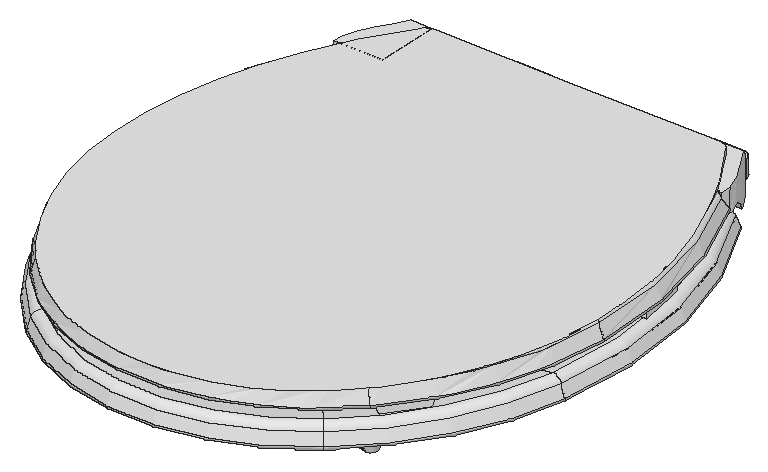
Revit family "Toilet_Seat-Round_Closed_Front-KOHLER-Brevia-K-20111", category Specialty Equipment, host Face, Revit 2015
Parameters (values of type "0-White")
  Width = 14 3/16"  # constant formula
  WaterSense Certified = 1 = 0  # no
  URL = "https://www.us.kohler.com/us/"
  Type = 1
  Product Page URL = "http://www.us.kohler.com/us/catalog/productDetails.jsp?productNumber=20111"
  Product Name = "Brevia"  # constant formula
  Product Documentation Link = "https://www.us.kohler.com/webassets/kpna/catalog/pdf/en/K-20111_spec.pdf"
  Model = if(Type = 1, "K-20111-0", if(Type = 2, "K-20111-96", "NA"))  # "K-20111-0"
  Material = "Plastic"  # constant formula
  MasterFormat 2004 = "10.28.13"  # constant formula
  MasterFormat 1995 = "10820"  # constant formula
  Manufacturer Address = "444 Highland Dr, Kohler, WI 53044"  # constant formula
  Manufacturer = "KOHLER Co."  # constant formula
  Length = 16 1/16"  # constant formula
  Height = 7/8"  # constant formula
  Finish = Kohler-Plastic-0-White
  Environmental Product Declaration = ""
  Description = "Quite-Close round-front Toilet Seat"  # constant formula
  Default Elevation = 0"
  Declare Label = ""
  Date Modified = "02/06/2019"  # constant formula
  Date Created = "02/06/2019"  # constant formula
  Copyright = "Copyright KOHLER Co."  # constant formula
  Contact Us = "https://www.us.kohler.com/us/static/contact.jsp"
  Assembly Code = "C1030200"
  ADA Compliant = 1 = 0  # no
Types (3): name | Type | Model | Finish
  (no name) | 1 | "K-20111-0" | Kohler-Plastic-0-White
  0-White | 1 | "K-20111-0" | Kohler-Plastic-0-White
  96-Biscuit | 2 | "K-20111-96" | Kohler-Plastic-96-Biscuit
Reference planes (in)
  plane 1 "Center (Front/Back)": y = 0
  plane 2: z = 0
  plane 3 "Center (Left/Right)": x = 0
  plane 4: x = 7.09375
  plane 5: x = -7.09375
  plane 6: x = -2.75
  plane 7: x = 2.75
  plane 8: y = 8.59375
  plane 9: y = -8.03125
  plane 10: y = 8.03125
  plane 11: z = 0.875
Dimensions and locks (in)
  "Width": plane 5 to plane 4
  plane 6 to plane 7 = 5 1/2"
  "Length": plane 9 to plane 10
  plane 9 to plane 8 = 16 5/8"
  "Height": plane 11 to level
  aligned and locked: plane 2 to host face
  aligned and locked: level to host face
Automatic sketch dimensions
  host sketch curve to host sketch curve = 96"  (x2)
Nested families (in)
  nested 1: "K-20111" at (0, 0, 0), type "K-20111"
Definition of nested family "K-20111"
  Parameters (values of type "K-20111")
    Material = none
  Reference planes (in)
    plane 1 "Center (Front/Back)": y = 0
    plane 2: z = 0
    plane 3 "Center (Left/Right)": x = 0
    plane 4: y = 8.03125
    plane 5: x = -7.09375
    plane 6: x = 7.09375
    plane 7: z = 0.875
    plane 8: x = -2.75
    plane 9: x = 2.75
    plane 10: y = 8.59375
    plane 11: y = -8.03125
  Forms (in)
    Extrusion 1, solid, material <- "Material", detail levels medium+fine
      sketch origin (0, -0.93936, 0) x (1, 0, 0) y (0, 1, 0)
        loop
          line (3.96115, 8.56249) -> (0, 8.56249) -> (-3.96115, 8.56249)
          arc (-3.96115, 8.56249) -> (-4.15155, 8.51755) -> (-4.30175, 8.39221) r 0.42578
          arc (-4.30175, 8.39221) -> (-6.17754, 4.62369) -> (-6.59105, 0.43449) r 11.64586
          arc (-6.59105, 0.43449) -> (-5.9489, -2.1733) -> (-4.52768, -4.45213) r 8.52928
          arc (-4.52768, -4.45213) -> (0, -6.51512) -> (4.52768, -4.45213) r 6
          arc (4.52768, -4.45213) -> (5.9489, -2.1733) -> (6.59105, 0.43449) r 8.52928
          arc (6.59105, 0.43449) -> (6.17754, 4.62369) -> (4.30175, 8.39221) r 11.64586
          arc (4.30175, 8.39221) -> (4.15155, 8.51755) -> (3.96115, 8.56249) r 0.42578
      from 1.10679 to 1.97107
    Sweep 2, solid, material <- "Material", detail levels medium+fine
      path origin (0, -0.93936, 0) x (1, 0, 0) y (0, 1, 0)
        loop
          arc (-4.52768, -4.45213) -> (0, -6.51512) -> (4.52768, -4.45213) r 6
          arc (4.52768, -4.45213) -> (6.02724, -1.98409) -> (6.61932, 0.84246) r 8.54736
          arc (6.61932, 0.84246) -> (6.32869, 3.92613) -> (5.25098, 6.82992) r 11.88232
          line (5.25098, 6.82992) -> (-5.25098, 6.82992)
          arc (-5.25098, 6.82992) -> (-6.32869, 3.92613) -> (-6.61932, 0.84246) r 11.88232
          arc (-6.61932, 0.84246) -> (-6.02724, -1.98409) -> (-4.52768, -4.45213) r 8.54736
      profile origin (0, -7.45448, 0) x (0, 1, 0) y (0, 0, 1)
        loop
          line (0.06091, 1.12505) -> (0.06091, 1.75553)
          arc (0.06091, 1.75553) -> (-0.08491, 1.70844) -> (-0.17586, 1.58512) r 0.25
          line (-0.17586, 1.58512) -> (-0.29993, 1.21572)
          arc (-0.29993, 1.21572) -> (-0.29237, 1.16225) -> (-0.24501, 1.1363) r 0.06027
          line (-0.24501, 1.1363) -> (0.06091, 1.12505)
    Sweep 3, solid, material <- "Material", detail levels medium+fine
      path origin (0, -0.93936, 0) x (1, 0, 0) y (0, 1, 0)
        loop
          line (5.16412, 7.82817) -> (0, 7.82817) -> (-5.16412, 7.82817)
          arc (-5.16412, 7.82817) -> (-6.83423, 3.80545) -> (-6.93131, -0.5491) r 11.80074
          arc (-6.93131, -0.5491) -> (-5.9829, -3.27253) -> (-4.17255, -5.51733) r 8.43534
          arc (-4.17255, -5.51733) -> (0, -7.08872) -> (4.17255, -5.51733) r 6.32545
          arc (4.17255, -5.51733) -> (5.9829, -3.27253) -> (6.93131, -0.5491) r 8.43534
          arc (6.93131, -0.5491) -> (6.83423, 3.80545) -> (5.16412, 7.82817) r 11.80074
      profile origin (0, 6.88881, 0) x (0, -1, 0) y (0, 0, 1)
        loop
          arc (0, 0.34424) -> (0.00881, 0.2872) -> (0.05992, 0.2604) r 0.06405
          line (0.05992, 0.2604) -> (1.65074, 0.2604) -> (2.18136, 0.1379)
          arc (2.18136, 0.1379) -> (2.32024, 0.11534) -> (2.46089, 0.1112) r 1.06928
          arc (2.46089, 0.1112) -> (2.51654, 0.14075) -> (2.5278, 0.20275) r 0.0722
          arc (2.5278, 0.20275) -> (2.45416, 0.34244) -> (2.32938, 0.43921) r 0.37345
          arc (2.32938, 0.43921) -> (1.36203, 0.65931) -> (0.38733, 0.84413) r 27.32034
          arc (0.38733, 0.84413) -> (0.2159, 0.81165) -> (0.10746, 0.67496) r 0.25
          line (0.10746, 0.67496) -> (0, 0.34424)
    Blend 4, solid, material <- "Material", detail levels medium+fine
      base sketch origin (-0.22656, 0.34189, 0) x (1, 0, 0) y (0, 1, 0)
        loop
          arc (-3.11713, -5.18895) -> (-3.12107, -4.84163) -> (-3.44293, -4.71101) r 0.31358
          arc (-3.44293, -4.71101) -> (-4.13482, -5.0117) -> (-4.64563, -5.56685) r 1.8223
          arc (-4.64563, -5.56685) -> (-4.63109, -5.89839) -> (-4.32153, -6.01798) r 0.30316
          arc (-4.32153, -6.01798) -> (-3.63696, -5.72313) -> (-3.11713, -5.18895) r 1.91212
      top sketch origin (-0.22656, 0.34189, 0) x (1, 0, 0) y (0, 1, 0)
        loop
          arc (-3.36072, -4.81573) -> (-4.0443, -5.10046) -> (-4.55017, -5.64124) r 1.75932
          arc (-4.55017, -5.64124) -> (-4.54338, -5.83267) -> (-4.36582, -5.90451) r 0.17599
          arc (-4.36582, -5.90451) -> (-3.68468, -5.61387) -> (-3.18383, -5.06836) r 1.75674
          arc (-3.18383, -5.06836) -> (-3.1912, -4.88528) -> (-3.36072, -4.81573) r 0.16961
      from 0.2604 to 0
    Blend 5, solid, material <- "Material", detail levels medium+fine
      base sketch origin (0.21875, 0.34189, 0) x (-1, 0, 0) y (0, -1, 0)
        loop
          arc (-3.11713, 5.18895) -> (-3.63696, 5.72313) -> (-4.32153, 6.01798) r 1.91212
          arc (-4.32153, 6.01798) -> (-4.63109, 5.89839) -> (-4.64563, 5.56685) r 0.30316
          arc (-4.64563, 5.56685) -> (-4.13482, 5.0117) -> (-3.44293, 4.71101) r 1.8223
          arc (-3.44293, 4.71101) -> (-3.12107, 4.84163) -> (-3.11713, 5.18895) r 0.31358
      top sketch origin (0.21875, 0.34189, 0) x (-1, 0, 0) y (0, -1, 0)
        loop
          arc (-3.36072, 4.81573) -> (-3.1912, 4.88528) -> (-3.18383, 5.06836) r 0.16961
          arc (-3.18383, 5.06836) -> (-3.68468, 5.61387) -> (-4.36582, 5.90451) r 1.75674
          arc (-4.36582, 5.90451) -> (-4.54338, 5.83267) -> (-4.55017, 5.64124) r 0.17599
          arc (-4.55017, 5.64124) -> (-4.0443, 5.10046) -> (-3.36072, 4.81573) r 1.75932
      from 0.2604 to 0
    Extrusion 6, solid, material <- "Material", detail levels medium+fine
      sketch origin (0, -0.93936, 0) x (0, 1, 0) y (0, 0, 1)
        loop
          arc (9.08501, 0.09091) -> (9.11916, 0.02599) -> (9.18777, 0) r 0.10353
          line (9.18777, 0) -> (10.34428, 0)
          arc (10.34428, 0) -> (10.35825, 0.00805) -> (10.35829, 0.02417) r 0.01614
          arc (10.35829, 0.02417) -> (10.34194, 0.17294) -> (10.43978, 0.2862) r 0.18733
          arc (10.43978, 0.2862) -> (10.48209, 0.35994) -> (10.42838, 0.42584) r 0.07502
          arc (10.42838, 0.42584) -> (9.81734, 0.57572) -> (9.1955, 0.6713) r 7.15025
          arc (9.1955, 0.6713) -> (9.07507, 0.62845) -> (9.03386, 0.50744) r 0.14683
          line (9.03386, 0.50744) -> (9.08501, 0.09091)
      from -3.52897 to -1.97103
    Extrusion 7, void
      sketch origin (0, -1.09561, 0) x (1, 0, 0) y (0, 1, 0)
        loop
          line (-2.92606, 10.65085) -> (-3.55885, 10.65085) -> (-3.55885, 10.0494)
          arc (-3.55885, 10.0494) -> (-3.37151, 10.48591) -> (-2.92606, 10.65085) r 0.60223
      from -0.4372 to 0.83
    Extrusion 8, void
      sketch origin (-5.5, -1.09561, 0) x (-1, 0, 0) y (0, -1, 0)
        loop
          arc (-2.92606, -10.65085) -> (-3.37151, -10.48591) -> (-3.55885, -10.0494) r 0.60223
          line (-3.55885, -10.0494) -> (-3.55885, -10.65085) -> (-2.92606, -10.65085)
      from -0.4372 to 0.83
    Extrusion 9, solid, material <- "Material", detail levels medium+fine
      sketch origin (0, -0.93936, 0) x (0, 1, 0) y (0, 0, 1)
        loop
          line (9.09617, 0) -> (8.96237, 1.08968)
          arc (8.96237, 1.08968) -> (8.83227, 1.37168) -> (8.56249, 1.52553) r 0.50886
          arc (8.56249, 1.52553) -> (8.25762, 1.32855) -> (8.02633, 1.04881) r 1.18976
          line (8.02633, 1.04881) -> (7.98971, 0) -> (9.09617, 0)
      from -3.5206 to 3.51327
    Extrusion 10, solid, material <- "Material", detail levels medium+fine
      sketch origin (0, -0.93936, 0) x (0, 1, 0) y (0, 0, -1)
        loop
          arc (7.71986, -0.67759) -> (7.62868, -0.80309) -> (7.48114, -0.85103) r 0.25101
          line (7.48114, -0.85103) -> (7.41073, -0.85103)
          arc (7.41073, -0.85103) -> (7.70411, -0.97741) -> (7.97071, -1.15341) r 1.8096
          arc (7.97071, -1.15341) -> (8.04655, -1.22312) -> (8.11171, -1.30291) r 0.72214
          arc (8.11171, -1.30291) -> (8.33004, -1.42851) -> (8.56249, -1.52553) r 1.99111
          arc (8.56249, -1.52553) -> (8.82946, -1.37355) -> (8.96153, -1.09619) r 0.51245
          line (8.96153, -1.09619) -> (9.0271, -0.63089)
          arc (9.0271, -0.63089) -> (9.01233, -0.57366) -> (8.96142, -0.54364) r 0.07723
          line (8.96142, -0.54364) -> (8.57964, -0.48975)
          arc (8.57964, -0.48975) -> (8.42016, -0.48512) -> (8.26359, -0.51579) r 0.71883
          arc (8.26359, -0.51579) -> (8.01007, -0.57173) -> (7.75069, -0.58271) r 1.48667
          line (7.75069, -0.58271) -> (7.71986, -0.67759)
      from -4.08391 to -3.5206
    Extrusion 11, solid, material <- "Material", detail levels medium+fine
      sketch origin (2.16092, -3.49616, 0) x (-0.600352, 0.799736, 0) y (0, 0, -1)
        loop
          line (3.90379, -0.84779) -> (2.76196, -0.84779)
          arc (2.76196, -0.84779) -> (2.69836, -0.96966) -> (2.68855, -1.10679) r 0.33799
          line (2.68855, -1.10679) -> (4.0559, -1.10679)
          arc (4.0559, -1.10679) -> (4.00207, -1.05028) -> (3.9772, -0.9763) r 0.18013
          arc (3.9772, -0.9763) -> (3.95395, -0.90436) -> (3.90379, -0.84779) r 0.18439
      from 6.44042 to 6.56044
    Extrusion 12, solid, material <- "Material", detail levels medium+fine
      sketch origin (0, -0.93936, 0) x (0, 1, 0) y (0, 0, 1)
        loop
          line (7.71986, 0.67759) -> (7.75069, 0.58271)
          arc (7.75069, 0.58271) -> (8.01007, 0.57173) -> (8.26359, 0.51579) r 1.48667
          arc (8.26359, 0.51579) -> (8.42016, 0.48512) -> (8.57964, 0.48975) r 0.71883
          line (8.57964, 0.48975) -> (8.96142, 0.54364)
          arc (8.96142, 0.54364) -> (9.01233, 0.57366) -> (9.0271, 0.63089) r 0.07723
          line (9.0271, 0.63089) -> (8.96153, 1.09619)
          arc (8.96153, 1.09619) -> (8.82946, 1.37355) -> (8.56249, 1.52553) r 0.51245
          arc (8.56249, 1.52553) -> (8.33004, 1.42851) -> (8.11171, 1.30291) r 1.99111
          arc (8.11171, 1.30291) -> (8.04655, 1.22312) -> (7.97071, 1.15341) r 0.72214
          arc (7.97071, 1.15341) -> (7.70411, 0.97741) -> (7.41073, 0.85103) r 1.8096
          line (7.41073, 0.85103) -> (7.48114, 0.85103)
          arc (7.48114, 0.85103) -> (7.62868, 0.80309) -> (7.71986, 0.67759) r 0.25101
      from -4.08391 to -3.5206
    Extrusion 13, solid, material <- "Material", detail levels medium+fine
      sketch origin (0, -0.93936, 0) x (0, 1, 0) y (0, 0, -1)
        loop
          arc (8.57964, -0.48975) -> (8.42155, -0.48501) -> (8.26625, -0.51496) r 0.71883
          line (8.26625, -0.51496) -> (7.73659, -1.04461)
          arc (7.73659, -1.04461) -> (7.66773, -1.09063) -> (7.58649, -1.10679) r 0.21228
          line (7.58649, -1.10679) -> (6.83986, -1.10679) -> (6.83986, -1.73624) -> (8.56236, -1.77548)
          arc (8.56236, -1.77548) -> (8.82926, -1.47538) -> (8.96153, -1.09619) r 1.03298
          line (8.96153, -1.09619) -> (9.0271, -0.63089)
          arc (9.0271, -0.63089) -> (9.01233, -0.57366) -> (8.96142, -0.54364) r 0.07723
          line (8.96142, -0.54364) -> (8.57964, -0.48975)
      from -5.43225 to -4.08391
    Extrusion 14, void
      sketch origin (0, -0.93936, 0) x (-1, 0, 0) y (0, -1, 0)
        loop
          spline (-4.24239, -9.15425) -> (-4.40083, -8.93803) -> (-4.55217, -8.72346) -> (-4.6953, -8.51265) -> (-4.82909, -8.30769) -> (-4.95245, -8.11067) -> (-5.06426, -7.92368) -> (-5.1634, -7.74883) -> (-5.24877, -7.58821) -> (-5.31924, -7.4439) -> (-5.37371, -7.31801) -> (-5.41107, -7.21263) -> (-5.4302, -7.12985)
          line (-5.4302, -7.12985) -> (-5.80542, -7.12985) -> (-5.80542, -9.4777) -> (-4.24239, -9.4777) -> (-4.24239, -9.15425)
      from 0.355 to 2.30907
    Extrusion 15, solid, material <- "Material", detail levels medium+fine
      sketch origin (0, -0.93936, 0) x (0, 1, 0) y (0, 0, -1)
        loop
          line (9.08501, -0.09091) -> (9.03386, -0.50744)
          arc (9.03386, -0.50744) -> (9.07507, -0.62845) -> (9.1955, -0.6713) r 0.14683
          arc (9.1955, -0.6713) -> (9.81734, -0.57572) -> (10.42838, -0.42584) r 7.15025
          arc (10.42838, -0.42584) -> (10.48209, -0.35994) -> (10.43978, -0.2862) r 0.07502
          arc (10.43978, -0.2862) -> (10.34194, -0.17294) -> (10.35829, -0.02417) r 0.18733
          arc (10.35829, -0.02417) -> (10.35825, -0.00805) -> (10.34428, 0) r 0.01614
          line (10.34428, 0) -> (9.18777, 0)
          arc (9.18777, 0) -> (9.11916, -0.02599) -> (9.08501, -0.09091) r 0.10353
      from -3.52897 to -1.97103
    Extrusion 16, void
      sketch origin (0, -1.09561, 0) x (-1, 0, 0) y (0, -1, 0)
        loop
          arc (-2.92606, -10.65085) -> (-3.37151, -10.48591) -> (-3.55885, -10.0494) r 0.60223
          line (-3.55885, -10.0494) -> (-3.55885, -10.65085) -> (-2.92606, -10.65085)
      from -0.4372 to 0.83
    Extrusion 17, void
      sketch origin (5.5, -1.09561, 0) x (1, 0, 0) y (0, 1, 0)
        loop
          line (-2.92606, 10.65085) -> (-3.55885, 10.65085) -> (-3.55885, 10.0494)
          arc (-3.55885, 10.0494) -> (-3.37151, 10.48591) -> (-2.92606, 10.65085) r 0.60223
      from -0.4372 to 0.83
    Extrusion 18, solid, material <- "Material", detail levels medium+fine
      sketch origin (-2.16092, -3.49616, 0) x (0.600352, 0.799736, 0) y (0, 0, 1)
        loop
          arc (3.90379, 0.84779) -> (3.95395, 0.90436) -> (3.9772, 0.9763) r 0.18439
          arc (3.9772, 0.9763) -> (4.00207, 1.05028) -> (4.0559, 1.10679) r 0.18013
          line (4.0559, 1.10679) -> (2.68855, 1.10679)
          arc (2.68855, 1.10679) -> (2.69836, 0.96966) -> (2.76196, 0.84779) r 0.33799
          line (2.76196, 0.84779) -> (3.90379, 0.84779)
      from 6.44042 to 6.56044
    Extrusion 19, solid, material <- "Material", detail levels medium+fine
      sketch origin (0, -0.93936, 0) x (1, 0, 0) y (0, 1, 0)
        loop
          line (5.88409, 3.88965) -> (6.25517, 3.88965)
          arc (6.25517, 3.88965) -> (6.4503, 4.14403) -> (6.18395, 4.32249) r 0.21978
          line (6.18395, 4.32249) -> (5.82267, 4.11885)
          arc (5.82267, 4.11885) -> (5.7645, 3.98043) -> (5.88409, 3.88965) r 0.1225
      from 0.06 to 0.26
    Extrusion 20, solid, material <- "Material", detail levels medium+fine
      sketch origin (0, -0.93936, 0) x (-1, 0, 0) y (0, -1, 0)
        loop
          arc (5.88409, -3.88965) -> (5.7645, -3.98043) -> (5.82267, -4.11885) r 0.1225
          line (5.82267, -4.11885) -> (6.18395, -4.32249)
          arc (6.18395, -4.32249) -> (6.4503, -4.14403) -> (6.25517, -3.88965) r 0.21978
          line (6.25517, -3.88965) -> (5.88409, -3.88965)
      from 0.06 to 0.26
    Extrusion 21, void
      sketch origin (0, -0.93936, 0) x (0, 1, 0) y (0, 0, 1)
        loop
          line (-8.82609, 1.51349) -> (8.76133, 1.77837) -> (8.76133, 2.5169) -> (-8.82609, 2.5169) -> (-8.82609, 1.51349)
      from -7.85371 to 12
    Extrusion 22, solid, material <- "Material", detail levels medium+fine
      sketch origin (0, -0.93936, 0) x (0, 1, 0) y (0, 0, 1)
        loop
          line (8.57964, 0.48975) -> (8.96142, 0.54364)
          arc (8.96142, 0.54364) -> (9.01233, 0.57366) -> (9.0271, 0.63089) r 0.07723
          line (9.0271, 0.63089) -> (8.96153, 1.09619)
          arc (8.96153, 1.09619) -> (8.82926, 1.47538) -> (8.56236, 1.77548) r 1.03298
          line (8.56236, 1.77548) -> (6.83986, 1.73624) -> (6.83986, 1.10679) -> (7.58649, 1.10679)
          arc (7.58649, 1.10679) -> (7.66773, 1.09063) -> (7.73659, 1.04461) r 0.21228
          line (7.73659, 1.04461) -> (8.26625, 0.51496)
          arc (8.26625, 0.51496) -> (8.42155, 0.48501) -> (8.57964, 0.48975) r 0.71883
      from -5.43225 to -4.08391
    Extrusion 23, void
      sketch origin (0, -0.93936, 0) x (1, 0, 0) y (0, 1, 0)
        loop
          line (-4.24239, 9.15425) -> (-4.24239, 9.4777) -> (-5.80542, 9.4777) -> (-5.80542, 7.12985) -> (-5.4302, 7.12985)
          spline (-5.4302, 7.12985) -> (-5.41107, 7.21263) -> (-5.37371, 7.31801) -> (-5.31924, 7.4439) -> (-5.24877, 7.58821) -> (-5.1634, 7.74883) -> (-5.06426, 7.92368) -> (-4.95245, 8.11067) -> (-4.82909, 8.30769) -> (-4.6953, 8.51265) -> (-4.55217, 8.72346) -> (-4.40083, 8.93803) -> (-4.24239, 9.15425)
      from 0.355 to 2.30907
    Extrusion 24, solid, material <- "Material", detail levels coarse
      sketch origin (0, 0, 0) x (1, 0, 0) y (0, 1, 0)
        loop
          line (-1.97103, 8.07087) -> (-1.97103, 9.14112)
          arc (-1.97103, 9.14112) -> (-2.14077, 9.40165) -> (-2.41784, 9.54279) r 0.60223
          line (-2.41784, 9.54279) -> (-3.08216, 9.54279)
          arc (-3.08216, 9.54279) -> (-3.35923, 9.40165) -> (-3.52897, 9.14112) r 0.60223
          line (-3.52897, 9.14112) -> (-3.52897, 8.03125) -> (-4.05599, 8.03125)
          arc (-4.05599, 8.03125) -> (-4.07573, 8.02307) -> (-4.08391, 8.00333) r 0.02792
          arc (-4.08391, 8.00333) -> (-4.08823, 8.01945) -> (-4.10003, 8.03125) r 0.03224
          line (-4.10003, 8.03125) -> (-4.3165, 8.03125)
          arc (-4.3165, 8.03125) -> (-4.37243, 8.01794) -> (-4.41636, 7.98086) r 0.12415
          arc (-4.41636, 7.98086) -> (-4.7843, 7.44769) -> (-5.1172, 6.89198) r 10.0729
          arc (-5.1172, 6.89198) -> (-5.15319, 6.88314) -> (-5.18371, 6.86212) r 0.10278
          arc (-5.18371, 6.86212) -> (-6.22734, 4.88528) -> (-6.85407, 2.73954) r 11.10886
          arc (-6.85407, 2.73954) -> (-7.0398, 1.37553) -> (-7.09375, 0) r 14.32655
          arc (-7.09375, 0) -> (-6.3946, -3.36021) -> (-4.46314, -6.19733) r 8.79926
          arc (-4.46314, -6.19733) -> (-2.41122, -7.55149) -> (0, -8.03125) r 6.39359
          arc (0, -8.03125) -> (2.41122, -7.55149) -> (4.46314, -6.19733) r 6.39359
          arc (4.46314, -6.19733) -> (6.3946, -3.36021) -> (7.09375, 0) r 8.79926
          arc (7.09375, 0) -> (7.0398, 1.37553) -> (6.85407, 2.73954) r 14.32655
          arc (6.85407, 2.73954) -> (6.22734, 4.88528) -> (5.18371, 6.86212) r 11.10886
          arc (5.18371, 6.86212) -> (5.15319, 6.88314) -> (5.1172, 6.89198) r 0.10278
          arc (5.1172, 6.89198) -> (4.78441, 7.44751) -> (4.41662, 7.98051) r 10.0729
          arc (4.41662, 7.98051) -> (4.37238, 8.01785) -> (4.31607, 8.03125) r 0.125
          line (4.31607, 8.03125) -> (4.10003, 8.03125)
          arc (4.10003, 8.03125) -> (4.08823, 8.01945) -> (4.08391, 8.00333) r 0.03224
          arc (4.08391, 8.00333) -> (4.07573, 8.02307) -> (4.05599, 8.03125) r 0.02792
          line (4.05599, 8.03125) -> (3.52897, 8.03125) -> (3.52897, 9.14112)
          arc (3.52897, 9.14112) -> (3.35923, 9.40165) -> (3.08216, 9.54279) r 0.60223
          line (3.08216, 9.54279) -> (2.41784, 9.54279)
          arc (2.41784, 9.54279) -> (2.14077, 9.40165) -> (1.97103, 9.14112) r 0.60223
          line (1.97103, 9.14112) -> (1.97103, 8.07087) -> (-0.00366, 8.07087) -> (-1.97103, 8.07087)
      from 0 to 1.7553
    Extrusion 25, solid, material <- "Material", detail levels medium+fine
      sketch origin (0, 0, 0) x (1, 0, 0) y (0, 1, 0)
        loop
          line (-6.39137, 3.10545) -> (-6.6455, 1.76193) -> (-6.52758, 1.73962) -> (-6.27345, 3.08315) -> (-6.39137, 3.10545)
        loop
          line (6.39137, 3.10545) -> (6.27345, 3.08315) -> (6.52758, 1.73962) -> (6.6455, 1.76193) -> (6.39137, 3.10545)
      from 0.76867 to 1.25746
  Cuts and joins
    joined: Blend 4, Blend 5, Extrusion 10, Extrusion 12, Extrusion 19, Extrusion 20
    Extrusion 16, Extrusion 17 cuts Sweep 3
    Extrusion 7, Extrusion 8, Extrusion 16, Extrusion 17 cuts Extrusion 6
    Extrusion 16, Extrusion 17 cuts Extrusion 9
    Extrusion 16, Extrusion 17 cuts Extrusion 11
    Extrusion 14, Extrusion 23 cuts Extrusion 13
    Extrusion 16, Extrusion 17 cuts Extrusion 15
    Extrusion 23 cuts Extrusion 22
    joined: Extrusion 6, Extrusion 9, Extrusion 11, Extrusion 13, Extrusion 15, Extrusion 22
    Extrusion 21 cuts Extrusion 1
    Extrusion 21 cuts Sweep 2
    joined: Extrusion 1, Sweep 2
  Lines and regions (in)
    Masking region 1
      outline origin (0, 0, 0) x (1, 0, 0) y (0, 1, 0)
        loop
          line (-3.52897, 9.14112) -> (-3.52897, 8.03125) -> (-4.05599, 8.03125)
          arc (-4.05599, 8.03125) -> (-4.07573, 8.02307) -> (-4.08391, 8.00333) r 0.02792
          arc (-4.08391, 8.00333) -> (-4.08823, 8.01945) -> (-4.10003, 8.03125) r 0.03224
          line (-4.10003, 8.03125) -> (-4.3165, 8.03125)
          arc (-4.3165, 8.03125) -> (-4.37243, 8.01794) -> (-4.41636, 7.98086) r 0.12415
          arc (-4.41636, 7.98086) -> (-4.7843, 7.44769) -> (-5.1172, 6.89198) r 10.0729
          arc (-5.1172, 6.89198) -> (-5.15319, 6.88314) -> (-5.18371, 6.86212) r 0.10278
          arc (-5.18371, 6.86212) -> (-6.22734, 4.88528) -> (-6.85407, 2.73954) r 11.10886
          arc (-6.85407, 2.73954) -> (-7.0398, 1.37553) -> (-7.09375, 0) r 14.32655
          arc (-7.09375, 0) -> (-6.3946, -3.36021) -> (-4.46314, -6.19733) r 8.79926
          arc (-4.46314, -6.19733) -> (-2.41122, -7.55149) -> (0, -8.03125) r 6.39359
          arc (0, -8.03125) -> (2.41122, -7.55149) -> (4.46314, -6.19733) r 6.39359
          arc (4.46314, -6.19733) -> (6.3946, -3.36021) -> (7.09375, 0) r 8.79926
          arc (7.09375, 0) -> (7.0398, 1.37553) -> (6.85407, 2.73954) r 14.32655
          arc (6.85407, 2.73954) -> (6.22734, 4.88528) -> (5.18371, 6.86212) r 11.10886
          arc (5.18371, 6.86212) -> (5.15319, 6.88314) -> (5.1172, 6.89198) r 0.10278
          arc (5.1172, 6.89198) -> (4.78441, 7.44751) -> (4.41662, 7.98051) r 10.0729
          arc (4.41662, 7.98051) -> (4.37238, 8.01785) -> (4.31607, 8.03125) r 0.125
          line (4.31607, 8.03125) -> (4.10003, 8.03125)
          arc (4.10003, 8.03125) -> (4.08823, 8.01945) -> (4.08391, 8.00333) r 0.03224
          arc (4.08391, 8.00333) -> (4.07573, 8.02307) -> (4.05599, 8.03125) r 0.02792
          line (4.05599, 8.03125) -> (3.52897, 8.03125) -> (3.52897, 9.14112)
          arc (3.52897, 9.14112) -> (3.35923, 9.40165) -> (3.08216, 9.54279) r 0.60223
          line (3.08216, 9.54279) -> (2.41784, 9.54279)
          arc (2.41784, 9.54279) -> (2.14077, 9.40165) -> (1.97103, 9.14112) r 0.60223
          line (1.97103, 9.14112) -> (1.97103, 8.07087) -> (-0.00366, 8.07087) -> (-1.97103, 8.07087) -> (-1.97103, 9.14112)
          arc (-1.97103, 9.14112) -> (-2.14077, 9.40165) -> (-2.41784, 9.54279) r 0.60223
          line (-2.41784, 9.54279) -> (-3.08216, 9.54279)
          arc (-3.08216, 9.54279) -> (-3.35923, 9.40165) -> (-3.52897, 9.14112) r 0.60223
    Masking region 2
      outline origin (0, 0, 0) x (1, 0, 0) y (0, 0, 1)
        loop
          line (6.45329, 0.2604) -> (7.02879, 0.2604)
          arc (7.02879, 0.2604) -> (7.0698, 0.27437) -> (7.09375, 0.31048) r 0.06717
          arc (7.09375, 0.31048) -> (7.09188, 0.32777) -> (7.08772, 0.34466) r 0.13045
          line (7.08772, 0.34466) -> (6.99004, 0.65178)
          arc (6.99004, 0.65178) -> (6.87387, 0.81324) -> (6.6848, 0.875) r 0.32031
          line (6.6848, 0.875) -> (6.61338, 0.875) -> (6.61338, 1.12707) -> (6.87211, 1.1361)
          arc (6.87211, 1.1361) -> (6.91962, 1.16204) -> (6.92726, 1.21562) r 0.06039
          line (6.92726, 1.21562) -> (6.80531, 1.57985)
          arc (6.80531, 1.57985) -> (6.78517, 1.62241) -> (6.75558, 1.65903) r 0.19851
          arc (6.75558, 1.65903) -> (6.74103, 1.67049) -> (6.72358, 1.67668) r 0.05698
          arc (6.72358, 1.67668) -> (6.66889, 1.68517) -> (6.61385, 1.69103) r 1.15873
          arc (6.61385, 1.69103) -> (6.09906, 1.7242) -> (5.58341, 1.73894) r 14.426
          arc (5.58341, 1.73894) -> (4.84846, 1.76627) -> (4.11307, 1.77538) r 29.68262
          line (4.11307, 1.77538) -> (2.75, 1.77538) -> (-2.75, 1.77538) -> (-4.11307, 1.77538)
          arc (-4.11307, 1.77538) -> (-4.84846, 1.76627) -> (-5.58341, 1.73894) r 29.68262
          arc (-5.58341, 1.73894) -> (-6.09906, 1.7242) -> (-6.61385, 1.69103) r 14.426
          arc (-6.61385, 1.69103) -> (-6.66889, 1.68517) -> (-6.72358, 1.67668) r 1.15873
          arc (-6.72358, 1.67668) -> (-6.74103, 1.67049) -> (-6.75558, 1.65903) r 0.05698
          arc (-6.75558, 1.65903) -> (-6.78517, 1.62241) -> (-6.80531, 1.57985) r 0.19851
          line (-6.80531, 1.57985) -> (-6.92726, 1.21562)
          arc (-6.92726, 1.21562) -> (-6.91962, 1.16204) -> (-6.87211, 1.1361) r 0.06039
          line (-6.87211, 1.1361) -> (-6.61338, 1.12707) -> (-6.61338, 0.875) -> (-6.6848, 0.875)
          arc (-6.6848, 0.875) -> (-6.87387, 0.81324) -> (-6.99004, 0.65178) r 0.32031
          line (-6.99004, 0.65178) -> (-7.08772, 0.34466)
          arc (-7.08772, 0.34466) -> (-7.09188, 0.32777) -> (-7.09375, 0.31048) r 0.13045
          arc (-7.09375, 0.31048) -> (-7.0698, 0.27437) -> (-7.02879, 0.2604) r 0.06717
          line (-7.02879, 0.2604) -> (-6.45329, 0.2604) -> (-6.45329, 0) -> (-5.75846, 0) -> (-5.75846, 0.2604) -> (-5.43796, 0.2604) -> (-4.84771, 0.12413) -> (-4.79396, 0) -> (-0.00402, 0) -> (4.79396, 0) -> (4.84771, 0.12413) -> (5.43796, 0.2604) -> (5.75846, 0.2604) -> (5.75846, 0) -> (6.45329, 0) -> (6.45329, 0.2604)
        loop
          line (5.44697, 0.875) -> (6.27381, 0.875) -> (6.27381, 1.10679) -> (5.52067, 1.10679)
          spline (5.52067, 1.10679) -> (5.5143, 1.09909) -> (5.50829, 1.09064) -> (5.50265, 1.08148) -> (5.49744, 1.07167) -> (5.49266, 1.06125) -> (5.48835, 1.05028) -> (5.48454, 1.03881) -> (5.48123, 1.02692) -> (5.47845, 1.01465) -> (5.47622, 1.00208) -> (5.47454, 0.98928) -> (5.47342, 0.9763)
          spline (5.47342, 0.9763) -> (5.47269, 0.96703) -> (5.47167, 0.95784) -> (5.47037, 0.94874) -> (5.46881, 0.93977) -> (5.46696, 0.93094) -> (5.46486, 0.92227) -> (5.46249, 0.9138) -> (5.45987, 0.90553) -> (5.45699, 0.8975) -> (5.45388, 0.88972) -> (5.45054, 0.88222) -> (5.44697, 0.875)
        loop
          spline (-5.44697, 0.875) -> (-5.45054, 0.88222) -> (-5.45388, 0.88972) -> (-5.45699, 0.8975) -> (-5.45987, 0.90553) -> (-5.46249, 0.9138) -> (-5.46486, 0.92227) -> (-5.46696, 0.93094) -> (-5.46881, 0.93977) -> (-5.47037, 0.94874) -> (-5.47167, 0.95784) -> (-5.47269, 0.96703) -> (-5.47342, 0.9763)
          spline (-5.47342, 0.9763) -> (-5.47454, 0.98928) -> (-5.47622, 1.00208) -> (-5.47845, 1.01465) -> (-5.48123, 1.02692) -> (-5.48454, 1.03881) -> (-5.48835, 1.05028) -> (-5.49266, 1.06125) -> (-5.49744, 1.07167) -> (-5.50265, 1.08148) -> (-5.50829, 1.09064) -> (-5.5143, 1.09909) -> (-5.52067, 1.10679)
          line (-5.52067, 1.10679) -> (-6.27381, 1.10679) -> (-6.27381, 0.875) -> (-5.44697, 0.875)
    Masking region 3
      outline origin (0, 0, 0) x (0, 1, 0) y (0, 0, 1)
        loop
          arc (9.48902, 0.42584) -> (8.87798, 0.57572) -> (8.25614, 0.6713) r 7.15025
          arc (8.25614, 0.6713) -> (8.1357, 0.62845) -> (8.0945, 0.50744) r 0.14683
          line (8.0945, 0.50744) -> (8.08367, 0.59563)
          spline (8.08367, 0.59563) -> (8.08441, 0.59796) -> (8.08509, 0.60032) -> (8.08571, 0.60271) -> (8.08627, 0.60511) -> (8.08678, 0.60754) -> (8.08722, 0.60998) -> (8.0876, 0.61244) -> (8.08792, 0.61491) -> (8.08818, 0.6174) -> (8.08838, 0.61989) -> (8.08851, 0.62239) -> (8.08858, 0.62489)
          line (8.08858, 0.62489) -> (8.02217, 1.09619)
          arc (8.02217, 1.09619) -> (7.89571, 1.4531) -> (7.63997, 1.73233) r 0.95058
          line (7.63997, 1.73233) -> (7.63997, 1.76385)
          arc (7.63997, 1.76385) -> (7.62633, 1.79638) -> (7.59357, 1.80945) r 0.04561
          line (7.59357, 1.80945) -> (-7.58977, 1.54638)
          arc (-7.58977, 1.54638) -> (-7.63356, 1.53164) -> (-7.66083, 1.49434) r 0.07635
          line (-7.66083, 1.49434) -> (-7.75422, 1.21617)
          arc (-7.75422, 1.21617) -> (-7.74529, 1.15121) -> (-7.68815, 1.11903) r 0.07376
          line (-7.68815, 1.11903) -> (-7.45448, 1.10679) -> (-5.2846, 1.10679)
          spline (-5.2846, 1.10679) -> (-5.28627, 1.08664) -> (-5.28698, 1.06641) -> (-5.28671, 1.04616) -> (-5.28547, 1.02597) -> (-5.28327, 1.00591) -> (-5.28012, 0.98605) -> (-5.27601, 0.96646) -> (-5.27098, 0.94721) -> (-5.26503, 0.92837) -> (-5.2582, 0.91002) -> (-5.25049, 0.8922) -> (-5.24195, 0.875)
          line (-5.24195, 0.875) -> (-7.62527, 0.875)
          arc (-7.62527, 0.875) -> (-7.81167, 0.81443) -> (-7.92687, 0.65587) r 0.31713
          line (-7.92687, 0.65587) -> (-8.02175, 0.36386)
          arc (-8.02175, 0.36386) -> (-8.02732, 0.344) -> (-8.03125, 0.32376) r 0.25268
          arc (-8.03125, 0.32376) -> (-8.01269, 0.27896) -> (-7.96789, 0.2604) r 0.06336
          line (-7.96789, 0.2604) -> (-6.37957, 0.2604) -> (-5.86943, 0.14262)
          arc (-5.86943, 0.14262) -> (-5.74351, 0.11832) -> (-5.6156, 0.10908) r 1.0815
          line (-5.6156, 0.10908) -> (-5.56582, 0) -> (-4.47106, 0) -> (-4.42485, 0.11012) -> (2.53038, 0.11012)
          arc (2.53038, 0.11012) -> (2.57284, 0.11703) -> (2.61091, 0.13706) r 0.13381
          line (2.61091, 0.13706) -> (2.77459, 0.2604) -> (2.89561, 0.2604)
          arc (2.89561, 0.2604) -> (2.93218, 0.23108) -> (2.95028, 0.18784) r 0.095
          line (2.95028, 0.18784) -> (2.95028, 0.09375)
          arc (2.95028, 0.09375) -> (2.97774, 0.02746) -> (3.04403, 0) r 0.09375
          line (3.04403, 0) -> (3.29624, 0)
          arc (3.29624, 0) -> (3.36778, 0.03384) -> (3.38699, 0.11061) r 0.09254
          line (3.38699, 0.11061) -> (4.48266, 0.11061)
          arc (4.48266, 0.11061) -> (4.59578, 0.11829) -> (4.70745, 0.1379) r 1.06928
          line (4.70745, 0.1379) -> (5.23807, 0.2604) -> (7.06615, 0.45254) -> (7.05034, 0) -> (8.15681, 0) -> (8.14564, 0.09091)
          arc (8.14564, 0.09091) -> (8.1798, 0.02599) -> (8.2484, 0) r 0.10353
          line (8.2484, 0) -> (9.407, 0)
          spline (9.407, 0) -> (9.40894, -0.00028) -> (9.41088, -0.00004) -> (9.41277, 0.00072) -> (9.41455, 0.00196) -> (9.41616, 0.00367) -> (9.41756, 0.00577) -> (9.41871, 0.00822) -> (9.41956, 0.01093) -> (9.42011, 0.01384) -> (9.42032, 0.01683) -> (9.42019, 0.01984) -> (9.41973, 0.02277)
          arc (9.41973, 0.02277) -> (9.40234, 0.17217) -> (9.50042, 0.2862) r 0.18733
          arc (9.50042, 0.2862) -> (9.54273, 0.35994) -> (9.48902, 0.42584) r 0.07502
        loop
          line (3.10545, 1.10679) -> (3.10545, 0.875) -> (6.40854, 0.875)
          arc (6.40854, 0.875) -> (6.6254, 0.91306) -> (6.81633, 1.0227) r 0.63679
          arc (6.81633, 1.0227) -> (6.7416, 1.08461) -> (6.64713, 1.10679) r 0.21228
          line (6.64713, 1.10679) -> (3.10545, 1.10679)
        loop
          line (1.76193, 1.10679) -> (-4.19108, 1.10679)
          spline (-4.19108, 1.10679) -> (-4.19956, 1.09909) -> (-4.20758, 1.09064) -> (-4.21508, 1.08148) -> (-4.22203, 1.07167) -> (-4.22839, 1.06125) -> (-4.23413, 1.05028) -> (-4.23921, 1.03881) -> (-4.24362, 1.02692) -> (-4.24732, 1.01465) -> (-4.2503, 1.00208) -> (-4.25253, 0.98928) -> (-4.25402, 0.9763)
          spline (-4.25402, 0.9763) -> (-4.255, 0.96703) -> (-4.25636, 0.95784) -> (-4.25808, 0.94874) -> (-4.26017, 0.93977) -> (-4.26262, 0.93094) -> (-4.26543, 0.92227) -> (-4.26859, 0.9138) -> (-4.27208, 0.90553) -> (-4.2759, 0.8975) -> (-4.28005, 0.88972) -> (-4.2845, 0.88222) -> (-4.28926, 0.875)
          line (-4.28926, 0.875) -> (1.76193, 0.875) -> (1.76193, 1.10679)
    symbolic lines, detail levels medium+fine
      curve 1: spline (-5.67674, 5.08259, 0) -> (-5.85143, 4.69012, 0) -> (-6.01132, 4.2914, 0) -> (-6.15621, 3.88698, 0) -> (-6.28588, 3.47743, 0) -> (-6.40016, 3.06332, 0) -> (-6.49888, 2.64524, 0) -> (-6.5819, 2.22375, 0) -> (-6.64912, 1.79946, 0) -> (-6.70043, 1.37295, 0) -> (-6.73577, 0.94483, 0) -> (-6.75509, 0.51568, 0) -> (-6.75835, 0.08611, 0)
      curve 2: spline (-6.75835, 0.08611, 0) -> (-6.74672, -0.3294, 0) -> (-6.71501, -0.74386, 0) -> (-6.66332, -1.1563, 0) -> (-6.59175, -1.56577, 0) -> (-6.50048, -1.9713, 0) -> (-6.38972, -2.37194, 0) -> (-6.25972, -2.76677, 0) -> (-6.1108, -3.15485, 0) -> (-5.94329, -3.53529, 0) -> (-5.7576, -3.90719, 0) -> (-5.55415, -4.26968, 0) -> (-5.33342, -4.62192, 0)
      curve 3: spline (-5.33342, -4.62192, 0) -> (-5.28186, -4.69906, 0) -> (-5.22947, -4.77564, 0) -> (-5.17626, -4.85166, 0) -> (-5.12225, -4.92711, 0) -> (-5.06744, -5.00197, 0) -> (-5.01183, -5.07625, 0) -> (-4.95544, -5.14993, 0) -> (-4.89825, -5.22301, 0) -> (-4.8403, -5.29547, 0) -> (-4.78157, -5.36731, 0) -> (-4.72208, -5.43852, 0) -> (-4.66183, -5.50909, 0)
      curve 4: spline (-4.66182, -5.50908, 0) -> (-4.04029, -6.13291, 0) -> (-3.33611, -6.6617, 0) -> (-2.56369, -7.08463, 0) -> (-1.73883, -7.39307, 0) -> (-0.8784, -7.58069, 0) -> (0, -7.64366, 0) -> (0.8784, -7.58069, 0) -> (1.73883, -7.39307, 0) -> (2.56369, -7.08463, 0) -> (3.33611, -6.6617, 0) -> (4.04029, -6.13291, 0) -> (4.66182, -5.50908, 0)
      curve 5: spline (4.66183, -5.50909, 0) -> (4.72208, -5.43852, 0) -> (4.78157, -5.36731, 0) -> (4.8403, -5.29547, 0) -> (4.89826, -5.22301, 0) -> (4.95544, -5.14993, 0) -> (5.01183, -5.07625, 0) -> (5.06744, -5.00197, 0) -> (5.12226, -4.9271, 0) -> (5.17627, -4.85166, 0) -> (5.22947, -4.77563, 0) -> (5.28186, -4.69905, 0) -> (5.33343, -4.62191, 0)
      curve 6: spline (5.33343, -4.62191, 0) -> (5.55415, -4.26967, 0) -> (5.7576, -3.90718, 0) -> (5.9433, -3.53528, 0) -> (6.1108, -3.15485, 0) -> (6.25972, -2.76677, 0) -> (6.38972, -2.37194, 0) -> (6.50048, -1.9713, 0) -> (6.59175, -1.56577, 0) -> (6.66332, -1.1563, 0) -> (6.71501, -0.74386, 0) -> (6.74672, -0.3294, 0) -> (6.75835, 0.08611, 0)
      curve 7: spline (6.75835, 0.08611, 0) -> (6.75509, 0.51568, 0) -> (6.73577, 0.94483, 0) -> (6.70043, 1.37295, 0) -> (6.64912, 1.79946, 0) -> (6.5819, 2.22375, 0) -> (6.49888, 2.64524, 0) -> (6.40016, 3.06332, 0) -> (6.28588, 3.47743, 0) -> (6.15621, 3.88698, 0) -> (6.01132, 4.2914, 0) -> (5.85143, 4.69012, 0) -> (5.67674, 5.08259, 0)
      curve 8: spline (5.67674, 5.08259, 0) -> (5.58392, 5.2918, 0) -> (5.48701, 5.49914, 0) -> (5.38604, 5.70454, 0) -> (5.28106, 5.90792, 0) -> (5.1721, 6.1092, 0) -> (5.0592, 6.30829, 0) -> (4.94242, 6.50513, 0) -> (4.82178, 6.69964, 0) -> (4.69735, 6.89174, 0) -> (4.56917, 7.08136, 0) -> (4.43728, 7.26842, 0) -> (4.30175, 7.45285, 0)
      curve 9: spline (4.30175, 7.45285, 0) -> (4.28104, 7.47835, 0) -> (4.25842, 7.50217, 0) -> (4.23404, 7.52418, 0) -> (4.20803, 7.54425, 0) -> (4.18055, 7.56225, 0) -> (4.15176, 7.57808, 0) -> (4.12184, 7.59164, 0) -> (4.09096, 7.60286, 0) -> (4.05931, 7.61166, 0) -> (4.02708, 7.61799, 0) -> (3.99445, 7.62182, 0) -> (3.96163, 7.62313, 0)
      curve 10: line (3.96163, 7.62313, 0) -> (0, 7.62313, 0)
      curve 11: line (0, 7.62313, 0) -> (-3.96163, 7.62313, 0)
      curve 12: spline (-3.96163, 7.62313, 0) -> (-3.99445, 7.62182, 0) -> (-4.02708, 7.61799, 0) -> (-4.05931, 7.61166, 0) -> (-4.09096, 7.60286, 0) -> (-4.12184, 7.59164, 0) -> (-4.15176, 7.57808, 0) -> (-4.18055, 7.56225, 0) -> (-4.20803, 7.54425, 0) -> (-4.23404, 7.52418, 0) -> (-4.25842, 7.50217, 0) -> (-4.28104, 7.47835, 0) -> (-4.30175, 7.45285, 0)
      curve 13: spline (-4.30175, 7.45285, 0) -> (-4.43728, 7.26842, 0) -> (-4.56917, 7.08136, 0) -> (-4.69735, 6.89174, 0) -> (-4.82178, 6.69964, 0) -> (-4.94242, 6.50513, 0) -> (-5.0592, 6.30829, 0) -> (-5.1721, 6.1092, 0) -> (-5.28106, 5.90792, 0) -> (-5.38604, 5.70454, 0) -> (-5.48701, 5.49914, 0) -> (-5.58392, 5.2918, 0) -> (-5.67674, 5.08259, 0)
      curve 14: arc (-5.1172, 6.89198, 0) -> (-6.56455, 3.58369, 0) -> (-7.00802, 0, 0) r 12.5264
      curve 15: arc (-7.00802, 0, 0) -> (-6.3352, -3.21491, 0) -> (-4.54653, -5.96972, 0) r 8.93824
      curve 16: arc (-4.54653, -5.96972, 0) -> (-2.47324, -7.40579, 0) -> (0, -7.89961, 0) r 6.21398
      curve 17: arc (5.1172, 6.89198, 0) -> (6.56455, 3.58369, 0) -> (7.00802, 0, 0) r 12.5264
      curve 18: arc (7.00802, 0, 0) -> (6.3352, -3.21491, 0) -> (4.54653, -5.96972, 0) r 8.93824
      curve 19: arc (4.54653, -5.96972, 0) -> (2.47324, -7.40579, 0) -> (0, -7.89961, 0) r 6.21398
      curve 20: line (-4.08391, 8.00333, 0) -> (-4.08391, 7.60505, 0)
      curve 21: line (-3.52897, 8.03125, 0) -> (-3.52897, 7.62313, 0)
      curve 22: line (-1.97103, 8.15681, 0) -> (-1.97103, 8.03125, 0)
      curve 23: line (-1.97103, 8.03125, 0) -> (-3.52897, 8.03125, 0)
      curve 24: line (4.08391, 8.00333, 0) -> (4.08391, 7.60505, 0)
      curve 25: line (3.52897, 8.03125, 0) -> (3.52897, 7.62313, 0)
      curve 26: line (1.97103, 8.03125, 0) -> (3.52897, 8.03125, 0)
      curve 27: line (1.97103, 8.03125, 0) -> (1.97103, 8.15681, 0)
      curve 28: line (2.05626, 8.0945, 0) -> (3.43822, 8.0945, 0)
      curve 29: arc (1.97103, 8.03125, 0) -> (2.00319, 8.07696, 0) -> (2.05626, 8.0945, 0) r 0.08905
      curve 30: arc (3.43822, 8.0945, 0) -> (3.49353, 8.07713, 0) -> (3.52897, 8.03125, 0) r 0.09672
      curve 31: line (-2.05626, 8.0945, 0) -> (-3.43822, 8.0945, 0)
      curve 32: arc (-1.97103, 8.03125, 0) -> (-2.00319, 8.07696, 0) -> (-2.05626, 8.0945, 0) r 0.08905
      curve 33: arc (-3.43822, 8.0945, 0) -> (-3.49353, 8.07713, 0) -> (-3.52897, 8.03125, 0) r 0.09672
      curve 34: arc (-4.08391, 8.00333, 0) -> (-4.08823, 8.01945, 0) -> (-4.10003, 8.03125, 0) r 0.03224
      curve 35: arc (-4.08391, 8.00333, 0) -> (-4.07573, 8.02307, 0) -> (-4.05599, 8.03125, 0) r 0.02792
      curve 36: line (-2.05626, 8.14528, 0) -> (-3.43822, 8.14528, 0)
      curve 37: arc (-3.43822, 8.14528, 0) -> (-3.48621, 8.13726, 0) -> (-3.52897, 8.11406, 0) r 0.14751
      curve 38: arc (-1.97103, 8.1163, 0) -> (-2.01125, 8.13784, 0) -> (-2.05626, 8.14528, 0) r 0.13983
      curve 39: line (2.05626, 8.14528, 0) -> (3.43822, 8.14528, 0)
      curve 40: arc (3.43822, 8.14528, 0) -> (3.48621, 8.13726, 0) -> (3.52897, 8.11406, 0) r 0.14751
      curve 41: arc (1.97103, 8.1163, 0) -> (2.01125, 8.13784, 0) -> (2.05626, 8.14528, 0) r 0.13983
      curve 42: line (-6.27381, 0, 1.10679) -> (6.27381, 0, 1.10679)
      curve 43: line (7.02843, 0, 0.2604) -> (-7.02843, 0, 0.2604)
      curve 44: line (-5.447, 0, 0.87498) -> (5.447, 0, 0.87498)
      curve 45: line (-6.18395, 0, 0.2604) -> (-6.18395, 0, 0)
      curve 46: line (-5.88409, 0, 0.2604) -> (-5.88409, 0, 0)
      curve 47: line (5.88409, 0, 0) -> (5.88409, 0, 0.2604)
      curve 48: line (6.18395, 0, 0) -> (6.18395, 0, 0.2604)
      curve 49: line (4.84771, 0, 0.12413) -> (4.91125, 0, 0.2604)
      curve 50: line (-4.84771, 0, 0.12413) -> (-4.91125, 0, 0.2604)
      curve 51: spline (-4.7318, 0, 0.87498) -> (-4.72539, 0, 0.89219) -> (-4.7196, 0, 0.91) -> (-4.71447, 0, 0.92836) -> (-4.71001, 0, 0.9472) -> (-4.70623, 0, 0.96645) -> (-4.70315, 0, 0.98604) -> (-4.70078, 0, 1.0059) -> (-4.69912, 0, 1.02597) -> (-4.6982, 0, 1.04616) -> (-4.698, 0, 1.06641) -> (-4.69853, 0, 1.08664) -> (-4.69978, 0, 1.10679)
      curve 52: spline (-4.6038, 0, 1.10679) -> (-4.60255, 0, 1.08664) -> (-4.60202, 0, 1.06641) -> (-4.60222, 0, 1.04616) -> (-4.60315, 0, 1.02597) -> (-4.6048, 0, 1.0059) -> (-4.60717, 0, 0.98604) -> (-4.61025, 0, 0.96645) -> (-4.61403, 0, 0.9472) -> (-4.61849, 0, 0.92836) -> (-4.62363, 0, 0.91) -> (-4.62941, 0, 0.89219) -> (-4.63583, 0, 0.87498)
      curve 53: spline (4.63583, 0, 0.87498) -> (4.62941, 0, 0.89219) -> (4.62363, 0, 0.91) -> (4.61849, 0, 0.92836) -> (4.61403, 0, 0.9472) -> (4.61025, 0, 0.96645) -> (4.60717, 0, 0.98604) -> (4.6048, 0, 1.0059) -> (4.60315, 0, 1.02597) -> (4.60222, 0, 1.04616) -> (4.60202, 0, 1.06641) -> (4.60255, 0, 1.08664) -> (4.6038, 0, 1.10679)
      curve 54: spline (4.69978, 0, 1.10679) -> (4.69853, 0, 1.08664) -> (4.698, 0, 1.06641) -> (4.6982, 0, 1.04616) -> (4.69912, 0, 1.02597) -> (4.70078, 0, 1.0059) -> (4.70315, 0, 0.98604) -> (4.70623, 0, 0.96645) -> (4.71001, 0, 0.9472) -> (4.71447, 0, 0.92836) -> (4.7196, 0, 0.91) -> (4.72539, 0, 0.89219) -> (4.7318, 0, 0.87498)
      curve 55: line (4.08391, 0, 1.10679) -> (4.08391, 0, 0.87498)
      curve 56: line (3.5206, 0, 0.87498) -> (3.5206, 0, 1.10679)
      curve 57: line (-4.08391, 0, 1.10679) -> (-4.08391, 0, 0.87498)
      curve 58: line (-3.5206, 0, 0.87498) -> (-3.5206, 0, 1.10679)
      curve 59: line (3.5206, 0, 1.04881) -> (-3.5206, 0, 1.04881)
      curve 60: line (-3.38709, 0, 0) -> (-3.29232, 0, 0.2604)
      curve 61: line (-3.34733, 0, 0.10924) -> (3.33952, 0, 0.10924)
      curve 62: line (3.37928, 0, 0) -> (3.2845, 0, 0.2604)
      curve 63: spline (-5.33324, 0, 1.59095) -> (-5.54599, 0, 1.59605) -> (-5.74275, 0, 1.6013) -> (-5.92309, 0, 1.60668) -> (-6.08664, 0, 1.61217) -> (-6.23302, 0, 1.61778) -> (-6.36194, 0, 1.62349) -> (-6.4731, 0, 1.62927) -> (-6.56627, 0, 1.63513) -> (-6.64124, 0, 1.64105) -> (-6.69786, 0, 1.64701) -> (-6.736, 0, 1.65301) -> (-6.75558, 0, 1.65903)
      curve 64: spline (4.6618, 0, 1.57759) -> (4.04027, 0, 1.5682) -> (3.33609, 0, 1.56023) -> (2.56368, 0, 1.55386) -> (1.73882, 0, 1.54922) -> (0.87839, 0, 1.54639) -> (0, 0, 1.54544) -> (-0.87839, 0, 1.54639) -> (-1.73882, 0, 1.54922) -> (-2.56368, 0, 1.55386) -> (-3.33609, 0, 1.56023) -> (-4.04027, 0, 1.5682) -> (-4.6618, 0, 1.57759)
      curve 65: spline (-4.6618, 0, 1.57759) -> (-4.72203, 0, 1.57865) -> (-4.78151, 0, 1.57973) -> (-4.84022, 0, 1.58081) -> (-4.89816, 0, 1.5819) -> (-4.95533, 0, 1.583) -> (-5.01172, 0, 1.58411) -> (-5.06731, 0, 1.58523) -> (-5.12211, 0, 1.58635) -> (-5.17611, 0, 1.58749) -> (-5.2293, 0, 1.58863) -> (-5.28168, 0, 1.58979) -> (-5.33324, 0, 1.59095)
      curve 66: spline (5.33324, 0, 1.59095) -> (5.28168, 0, 1.58979) -> (5.22931, 0, 1.58863) -> (5.17611, 0, 1.58749) -> (5.12212, 0, 1.58635) -> (5.06731, 0, 1.58523) -> (5.01172, 0, 1.58411) -> (4.95533, 0, 1.583) -> (4.89817, 0, 1.5819) -> (4.84022, 0, 1.58081) -> (4.78151, 0, 1.57973) -> (4.72203, 0, 1.57865) -> (4.6618, 0, 1.57759)
      curve 67: spline (6.75558, 0, 1.65903) -> (6.736, 0, 1.65301) -> (6.69786, 0, 1.64701) -> (6.64124, 0, 1.64105) -> (6.56627, 0, 1.63513) -> (6.4731, 0, 1.62927) -> (6.36194, 0, 1.62349) -> (6.23303, 0, 1.61778) -> (6.08664, 0, 1.61217) -> (5.92309, 0, 1.60668) -> (5.74275, 0, 1.6013) -> (5.54599, 0, 1.59605) -> (5.33324, 0, 1.59095)
      curve 68: line (0, 8.0945, 0.50744) -> (0, 8.14564, 0.09091)
      curve 69: arc (0, 8.02206, 0.54364) -> (0, 8.07296, 0.57366) -> (0, 8.08774, 0.63089) r 0.07723
      curve 70: line (0, 7.64027, 0.48975) -> (0, 8.02206, 0.54364)
      curve 71: arc (0, 7.32688, 0.51496) -> (0, 7.48218, 0.48501) -> (0, 7.64027, 0.48975) r 0.71883
      curve 72: line (0, 6.81633, 1.0227) -> (0, 7.32688, 0.51496)
      curve 73: line (0, 5.9005, 1.10679) -> (0, 6.64713, 1.10679)
      curve 74: line (0, 7.07071, 0.57173) -> (0, 6.76744, 0.875)
      curve 75: arc (0, 6.76744, 0.875) -> (0, 6.71058, 0.91123) -> (0, 6.64373, 0.92003) r 0.15575
      curve 76: arc (0, 7.07071, 0.57173) -> (0, 7.09446, 0.51114) -> (0, 7.06615, 0.45254) r 0.08129
      curve 77: arc (0, 7.07071, 0.57173) -> (0, 7.19869, 0.5493) -> (0, 7.32423, 0.51579) r 1.48667
      curve 78: line (0, 5.23807, 0.2604) -> (0, -6.37734, 0.2604)
      curve 79: line (0, -5.6156, 0.10908) -> (0, -5.63891, 0.15907)
      curve 80: arc (0, -5.63891, 0.15907) -> (0, -5.68064, 0.21867) -> (0, -5.74024, 0.2604) r 0.20949
      curve 81: line (0, -4.42485, 0.11012) -> (0, -4.39348, 0.17738)
      curve 82: arc (0, -4.39348, 0.17738) -> (0, -4.35321, 0.22986) -> (0, -4.29454, 0.2604) r 0.15281
      curve 83: line (0, 3.10545, 1.10679) -> (0, 1.76193, 1.10679)
      curve 84: line (0, 3.10545, 0.875) -> (0, 1.76193, 0.875)
      curve 85: line (0, -4.19119, 1.10691) -> (0, -5.2846, 1.10679)
      curve 86: line (0, -4.28926, 0.875) -> (0, -5.24195, 0.875)
      curve 87: arc (6.27381, 0, 1.10679) -> (6.45952, 0, 1.11213) -> (6.64463, 0, 1.12816) r 3.22782
      curve 88: arc (-6.64463, 0, 1.12816) -> (-6.45952, 0, 1.11213) -> (-6.27381, 0, 1.10679) r 3.22782
      curve 89: line (-6.27381, 0, 0.875) -> (-6.61338, 0, 0.875)
      curve 90: line (6.27381, 0, 0.875) -> (6.61338, 0, 0.875)
  Dimensions and locks (in)
    plane 8 to plane 9 = 5 1/2"
    plane 4 to plane 11 = 16 1/16"
    plane 10 to plane 11 = 16 5/8"
    plane 5 to plane 6 = 14 3/16"
    aligned and locked: plane 2 to level
